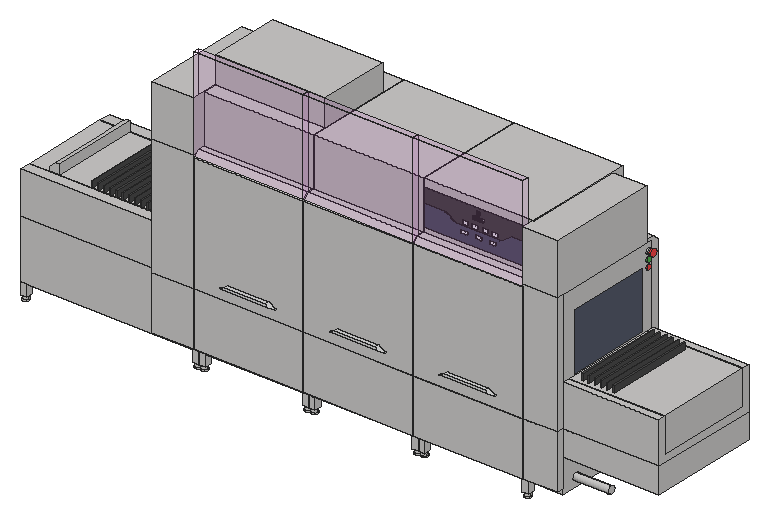
Revit family "QF_ELECTROLUXPROFESSIONAL_520711_EFTD052EL2U2D1M7R385", category Attrezzature speciali, Revit 2020
Family settings
  Quota connettore circolare = Usa diametro
  Tipo di parte = Normale
  Basato su piano di lavoro = No
  Sempre verticale = Sì
  Taglio con vuoti quando caricato = No
  Condiviso = No
  Punto di calcolo locali = No
Parameters (values of type "Standard")
  Weight = 923.00 kg
  Watts = 46500 W
  Volts = 380 V
  URL Manufacturer = "https://www.electroluxprofessional.com/"
  URL = "https://www.electroluxprofessional.com/"
  Steam Supply Size = 0 mm
  Steam Supply Minimum Pressure = 0.0 Pa
  Steam Supply Maximum Pressure = 0.0 Pa
  Steam Consumption per Hour = 0
  Show Logo [instance] = yes
  Show Clearance [instance] = yes
  Refrigeration Suction Line Size = 0 mm
  Refrigeration Liquid Line Size = 0 mm
  Refrigerant Compressor Remote = yes
  Prospetto di default = 0 mm
  Produttore = "Electrolux Professional"
  Phase = 3
  Modello = "EFTD052EL2U2D1M7R385"
  Length Actual = 4650 mm  # constant formula
  Item Number = "520711"
  Hot Water Size = 0 mm
  Height Actual = 1983 mm  # constant formula
  HP = "62.4 HP"
  Gas Size = 0 mm
  Gas KW = 0
  Gas Input Pressure = 0 W
  Direct Waste Size = 50.8 mm
  Descrizione = "FT, 1Tank, 5200D/H, El., 950mm loading, 1300mm unloading, 1Dryer, 75mm conveyor,R>L,380V50Hz3P"
  Depth Actual = 946 mm  # constant formula
  Cycle = 50 Hz
  Condensate Return Size = 0 mm
  Compressed Air Volume = 0.0 L/s
  Compressed Air Size = 0 mm
  Compressed Air Pressure = 0.0 Pa
  Cold Water Size = 0 mm
  Accessory = yes
Reference planes
  plane 1 "Centro (Fronte/Retro)": y = 0
  plane 2: z = 0
  plane 3 "Centro (Sinistra/Destra)": x = 0
  plane 4: z = 115
Forms (mm)
  Extrusion 1, solid, material "QF_Finishes_Stainless Steel"
    sketch origin (2582.404, 2, 1806.023) x (1, 0, 0) y (0, 0, 1)
      loop
        line (407.596, -163.023) -> (407.596, -183.023) -> (427.596, -183.023) -> (427.596, -163.023) -> (407.596, -163.023)
    from 0 to 2
  Extrusion 2, solid, material "QF_Finishes_Stainless Steel"
    sketch origin (-5.617, 22.464, 1290.159) x (0, 0, -1) y (0, 1, 0)
      loop
        circle (1102.159, -772.464) r 25
    from -9.383 to 5.617
  Extrusion 3, solid, material "QF_Finishes_Stainless Steel"
    sketch origin (3242.404, 2, 337.984) x (1, 0, 0) y (0, 0, 1)
      loop
        line (407.596, -163.023) -> (407.596, -183.023) -> (427.596, -183.023) -> (427.596, -163.023) -> (407.596, -163.023)
    from 0 to 2
  Extrusion 4, solid, material "QF_Finishes_Stainless Steel"
    sketch origin (647.841, 200.464, 109.383) x (1, 0, 0) y (0, 1, 0)
      loop
        circle (1102.159, -772.464) r 10
    from -9.383 to 5.617
  Extrusion 5, solid, material "QF_Finishes_Stainless Steel"
    sketch origin (718.841, 200.464, 109.383) x (1, 0, 0) y (0, 1, 0)
      loop
        circle (1102.159, -772.464) r 10
    from -9.383 to 5.617
  Extrusion 6, solid, material "QF_Finishes_Stainless Steel"
    sketch origin (4205.617, -1522.464, 1290.159) x (0, 0, -1) y (0, -1, 0)
      loop
        circle (1102.159, -772.464) r 25
    from -9.383 to 255.617
Dimensions and locks
  plane 4 to level = 115 mm
  aligned and locked: level to plane 2
Nested families
  nested 1: "MODULO_CENTER_800_FAN" at (1683.563, -388.258, 0), Show Clearance <- "Show Clearance", type "MODULO_CENTER_800_FAN"
    with Show Logo yes, Show Clearance yes, R_L no, L_R yes
  nested 2: "MODULO_CENTER_800" at (3283.563, -388.258, 0), Show Clearance <- "Show Clearance", type "MODULO_CENTER_800"
    with Show Logo yes, Show Clearance yes, R_L no, L_R yes
  nested 3: "MODULO_ENTRY_DISH_950" at (4091.437, -523.742, 0) x (-1, 0, 0) z (0, 0, 1), type "MODULO_ENTRY_DISH_950"
    with Show Logo yes, Show Clearance yes, R_L no, L_R yes
  nested 4: "MODULO_USCITA_DISH_1300" at (941.437, -523.742, 0) x (-1, 0, 0) z (0, 0, 1), type "MODULO_USCITA_DISH_1300"
    with Show Logo yes, Show Clearance yes, R_L yes, L_R no
  nested 5: "Piedino_Square_115H" at (23.5, -838.5, 0), type "Piedino_Square_115H"
  nested 6: "Piedino_Square_115H" at (23.5, -73.5, 0), type "Piedino_Square_115H"
  nested 7: "Piedino_Square_115H" at (1276.5, -838.5, 0), type "Piedino_Square_115H"
  nested 8: "Piedino_Square_115H" at (1276.5, -73.5, 0), type "Piedino_Square_115H"
  nested 9: "Piedino_Square_115H" at (1323.5, -838.5, 0), type "Piedino_Square_115H"
  nested 10: "Piedino_Square_115H" at (1323.5, -73.5, 0), type "Piedino_Square_115H"
  nested 11: "Piedino_Square_115H" at (2076.5, -838.5, 0), type "Piedino_Square_115H"
  nested 12: "Piedino_Square_115H" at (2076.5, -73.5, 0), type "Piedino_Square_115H"
  nested 13: "Piedino_Square_115H" at (2123.5, -838.5, 0) x (-1, 0, 0) z (0, 0, 1), type "Piedino_Square_115H"
  nested 14: "Piedino_Square_115H" at (2123.5, -73.5, 0) x (-1, 0, 0) z (0, 0, 1), type "Piedino_Square_115H"
  nested 15: "Piedino_Square_115H" at (2876.5, -838.5, 0) x (-1, 0, 0) z (0, 0, 1), type "Piedino_Square_115H"
  nested 16: "Piedino_Square_115H" at (2876.5, -73.5, 0) x (-1, 0, 0) z (0, 0, 1), type "Piedino_Square_115H"
  nested 17: "Piedino_Square_115H" at (2923.5, -838.5, 0), type "Piedino_Square_115H"
  nested 18: "Piedino_Square_115H" at (2923.5, -73.5, 0), type "Piedino_Square_115H"
  nested 19: "Piedino_Square_115H" at (3676.5, -838.5, 0), type "Piedino_Square_115H"
  nested 20: "Piedino_Square_115H" at (3676.5, -73.5, 0), type "Piedino_Square_115H"
  nested 21: "MANIGLIA_FLIGHT_400" at (3300, -912, 639.28) x (1, 0, 0) z (0, -1, 0), type "MANIGLIA_FLIGHT_400"
  nested 22: "MANIGLIA_FLIGHT_400" at (2500, -912, 639.28) x (1, 0, 0) z (0, -1, 0), type "MANIGLIA_FLIGHT_400"
  nested 23: "MANIGLIA_FLIGHT_400" at (1700, -912, 639.28) x (1, 0, 0) z (0, -1, 0), type "MANIGLIA_FLIGHT_400"
  nested 24: "Schermo_Flight_800" at (3300, -815, 1583) x (1, 0, 0) z (0, -1, 0), type "Schermo_Flight_800"
  nested 25: "ELX_LOGO_WORDS_WHITE" at (3300, -816.6, 1663) x (1, 0, 0) z (0, -1, 0), Show Logo <- "Show Logo", visible <- "Show Logo", type "ELX_LOGO_WORDS_WHITE"
    with Show Logo yes
  nested 26: "ELX_LOGO_MONO_SMALL_WHITE" at (3290.08, -816.6, 1649) x (-1, 0, 0) z (0, -1, 0), Show Logo <- "Show Logo", visible <- "Show Logo", type "ELX_LOGO_MONO_SMALL_WHITE"
    with Show Logo yes
  nested 27: "MODULO_CENTER_800" at (2516.437, -388.258, 0) x (-1, 0, 0) z (0, 0, 1), Show Clearance <- "Show Clearance", type "MODULO_CENTER_800"
    with Show Logo yes, Show Clearance yes, R_L no, L_R yes
Connectors
  electrical at (3000, 2, 1633)
    settings: on Extrusion 1, index 69, voltage 0 V, apparent load 0 VA, apparent load phase1 0 VA, apparent load phase2 0 VA, apparent load phase3 0 VA, power factor 1, load classification "Altro", number of poles 1, system type 30, power factor state 1, is connector primary yes, connector utility no, sub classification motor no, connector description "EI"
  piping at (-15, -750, 188), diameter 50
    settings: on Extrusion 2, index 70, connector inside diameter 609.6 mm, connector length 0 mm, flow factor 0, pipe flow 0.0 L/s, pressure drop 0.0 Pa, fitting loss kfactor 0, connector angle 0.00°, fixture units 0, engagement length 0 mm, angle of deflection 0.00°, flow configuration 0, flow direction 0, fitting loss method 0, system type 29, joint type 0, gender type 0, connector reference index -1, connector utility 0, adjustable connector no, is connector primary yes, connector description "D"
  electrical at (3660, 2, 164.961)
    settings: on Extrusion 3, index 71, voltage 0 V, apparent load 0 VA, apparent load phase1 0 VA, apparent load phase2 0 VA, apparent load phase3 0 VA, power factor 1, load classification "Altro", number of poles 1, system type 30, power factor state 1, is connector primary no, connector utility no, sub classification motor no, connector description "EQ"
  piping at (1750, -572, 100), diameter 19.1
    settings: on Extrusion 4, index 72, connector inside diameter 609.6 mm, connector length 0 mm, flow factor 0, pipe flow 0.0 L/s, pressure drop 0.0 Pa, fitting loss kfactor 0, connector angle 0.00°, fixture units 0, engagement length 0 mm, angle of deflection 0.00°, flow configuration 0, flow direction 0, fitting loss method 0, system type 29, joint type 0, gender type 0, connector reference index -1, connector utility 0, adjustable connector no, is connector primary no, connector description "HWI/CWI"
  piping at (1821, -572, 100), diameter 19.1
    settings: on Extrusion 5, index 73, connector inside diameter 609.6 mm, connector length 0 mm, flow factor 0, pipe flow 0.0 L/s, pressure drop 0.0 Pa, fitting loss kfactor 0, connector angle 0.00°, fixture units 0, engagement length 0 mm, angle of deflection 0.00°, flow configuration 0, flow direction 0, fitting loss method 0, system type 29, joint type 0, gender type 0, connector reference index -1, connector utility 0, adjustable connector no, is connector primary no, connector description "HWI/CWI"
  piping at (4215, -750, 188), diameter 50
    settings: on Extrusion 6, index 74, connector inside diameter 609.6 mm, connector length 0 mm, flow factor 0, pipe flow 0.0 L/s, pressure drop 0.0 Pa, fitting loss kfactor 0, connector angle 0.00°, fixture units 0, engagement length 0 mm, angle of deflection 0.00°, flow configuration 0, flow direction 0, fitting loss method 0, system type 29, joint type 0, gender type 0, connector reference index -1, connector utility 0, adjustable connector no, is connector primary no, connector description ""
Definition of nested family "MODULO_CENTER_800_FAN"
  Parameters (values of type "MODULO_CENTER_800_FAN")
    URL = "http://professional.electrolux.com"
    Show Logo [instance] = yes
    R_L [instance] = not(L_R)  # no
    Default Elevation = 0 mm
    Manufacturer = "Electrolux"
    Model = "ESR10E5"
    Length Actual = 800 mm
    Show Clearance [instance] = yes
    L_R [instance] = yes
    Height Actual = 1792 mm
    Description = "SINGLE RINSE RT, 100R/H, ELECTRIC 50HZ"
    Depth Actual = 912 mm
  Reference planes
    plane 1 "Center X": y = -67.742
    plane 2: z = 0
    plane 3 "LEFT": x = -383.563
    plane 4 "RIGHT": x = 416.437
    plane 5 "BACK": y = 388.258
    plane 6 "FEET": z = 115
    plane 7: z = 2092
    plane 8 "TOP": z = 1792
    plane 9 "FRONT": y = -523.742
    plane 10 "Left/Right": x = 16.437
    plane 11 "TopVent": z = 1983
  Forms (mm)
    Extrusion 1, solid
      sketch origin (416.437, 479.936, 4000) x (0, 1, 0) y (0, 0, 1)
        loop
          line (-91.678, -2208) -> (-906.678, -2208) -> (-906.678, -2580) -> (-91.678, -2580) -> (-91.678, -2208)
      from -800 to 0
    Extrusion 2, solid
      sketch origin (-383.563, 437.565, 3910) x (0, 1, 0) y (0, 0, 1)
        loop
          line (-99.307, -2490) -> (-911.307, -2490) -> (-911.307, -3552) -> (-99.307, -3552) -> (-99.307, -2490)
      from 800 to 0
    Extrusion 3, solid
      sketch origin (416.437, 479.936, 4299) x (0, 1, 0) y (0, 0, 1)
        loop
          line (-278.21, -2316) -> (-803.678, -2316) -> (-803.678, -2507) -> (-278.21, -2507) -> (-278.21, -2316)
      from -800 to 0
    Extrusion 4, solid
      sketch origin (16.437, 0, 1.5) x (0, 0, 1) y (0, -1, 0)
        loop
          line (356.5, -338.258) -> (356.5, 473.742) -> (113.5, 473.742) -> (113.5, -338.258) -> (356.5, -338.258)
      from 400 to -400
    Extrusion 5, solid
      sketch origin (16.437, 0, 0) x (0, 0, 1) y (0, -1, 0)
        loop
          line (1420, -338.258) -> (545, -338.258) -> (545, -388.258) -> (1420, -388.258) -> (1420, -338.258)
      from -400 to 400
    Extrusion 6, solid
      sketch origin (16.437, 0, 0) x (0, 0, 1) y (0, -1, 0)
        loop
          line (545, -388.258) -> (545, -338.258) -> (154, -338.258) -> (154, -388.258) -> (545, -388.258)
      from -400 to 400
    Extrusion 7, solid
      sketch origin (16.437, -882.484, -150) x (0, -1, 0) y (0, 0, 1)
        loop
          line (-358.742, 304) -> (-358.742, 695) -> (-408.742, 695) -> (-408.742, 304) -> (-358.742, 304)
      from -400 to 400
    Extrusion 8, solid
      sketch origin (16.437, -882.484, -151) x (0, -1, 0) y (0, 0, 1)
        loop
          line (-408.742, 1571) -> (-408.742, 696) -> (-358.742, 696) -> (-358.742, 1556) -> (-395.742, 1593) -> (-443.742, 1593) -> (-443.742, 1571) -> (-408.742, 1571)
      from -400 to 400
    Extrusion 9, solid, visible <- "Show Clearance"
      sketch origin (16.437, -882.484, 452) x (0, -1, 0) y (0, 0, 1)
        loop
          line (-408.742, 1640) -> (-408.742, 953.624) -> (-358.742, 953.624) -> (-358.742, 1640) -> (-408.742, 1640)
      from -400 to 400
  Dimensions and locks
    plane 3 "LEFT" to plane 4 "RIGHT" = 800 mm
    plane 5 "BACK" to plane 1 "Center X" to plane 9 "FRONT" = 456 mm, 456 mm
    plane 6 "FEET" to level = 115 mm  (x2)
    plane 6 "FEET" to plane 8 "TOP" = 1677 mm
    plane 5 "BACK" to plane 9 "FRONT" = 912 mm  (x2)
    plane 4 "RIGHT" to plane 3 "LEFT" = 800 mm
    plane 9 "FRONT" to plane 5 "BACK" = 912 mm
    level to plane 8 "TOP" = 1792 mm  (x2)
    plane 7 to level = 2092 mm
    plane 11 "TopVent" to plane 2 = 1983 mm
    plane 7 to plane 2 = 2092 mm
    Extrusion 2 to level = 1420 mm
    Extrusion 8 to level = 1442 mm
    plane 11 "TopVent" to level = 1983 mm
    aligned and locked: level to plane 2
Definition of nested family "MODULO_CENTER_800"
  Parameters (values of type "MODULO_CENTER_800")
    URL = "http://professional.electrolux.com"
    Show Logo [instance] = yes
    R_L [instance] = not(L_R)  # no
    Default Elevation = 0 mm
    Manufacturer = "Electrolux"
    Model = "ESR10E5"
    Length Actual = 800 mm
    Show Clearance [instance] = yes
    L_R [instance] = yes
    Height Actual = 1792 mm
    Description = "SINGLE RINSE RT, 100R/H, ELECTRIC 50HZ"
    Depth Actual = 912 mm
  Reference planes
    plane 1 "Center X": y = -67.742
    plane 2: z = 0
    plane 3 "LEFT": x = -383.563
    plane 4 "RIGHT": x = 416.437
    plane 5 "BACK": y = 388.258
    plane 6 "FEET": z = 115
    plane 7: z = 2092
    plane 8 "TOP": z = 1792
    plane 9 "FRONT": y = -523.742
    plane 10 "Left/Right": x = 16.437
  Forms (mm)
    Extrusion 1, solid
      sketch origin (416.437, 479.936, 4000) x (0, 1, 0) y (0, 0, 1)
        loop
          line (-91.678, -2208) -> (-906.678, -2208) -> (-906.678, -2580) -> (-91.678, -2580) -> (-91.678, -2208)
      from -800 to 0
    Extrusion 2, solid
      sketch origin (-383.563, 437.565, 3915) x (0, 1, 0) y (0, 0, 1)
        loop
          line (-99.307, -2495) -> (-911.307, -2495) -> (-911.307, -3557) -> (-99.307, -3557) -> (-99.307, -2495)
      from 800 to 0
    Extrusion 3, solid
      sketch origin (16.437, 0, 1.5) x (0, 0, 1) y (0, -1, 0)
        loop
          line (356.5, -338.258) -> (356.5, 473.742) -> (113.5, 473.742) -> (113.5, -338.258) -> (356.5, -338.258)
      from 400 to -400
    Extrusion 4, solid
      sketch origin (16.437, 0, 0) x (0, 0, 1) y (0, -1, 0)
        loop
          line (1420, -338.258) -> (545, -338.258) -> (545, -388.258) -> (1420, -388.258) -> (1420, -338.258)
      from -400 to 400
    Extrusion 5, solid
      sketch origin (16.437, 0, 0) x (0, 0, 1) y (0, -1, 0)
        loop
          line (545, -388.258) -> (545, -338.258) -> (154, -338.258) -> (154, -388.258) -> (545, -388.258)
      from -400 to 400
    Extrusion 6, solid
      sketch origin (16.437, -882.484, -150) x (0, -1, 0) y (0, 0, 1)
        loop
          line (-358.742, 304) -> (-358.742, 695) -> (-408.742, 695) -> (-408.742, 304) -> (-358.742, 304)
      from -400 to 400
    Extrusion 7, solid
      sketch origin (16.437, -882.484, -151) x (0, -1, 0) y (0, 0, 1)
        loop
          line (-408.742, 1571) -> (-408.742, 696) -> (-358.742, 696) -> (-358.742, 1556) -> (-395.742, 1593) -> (-443.742, 1593) -> (-443.742, 1571) -> (-408.742, 1571)
      from -400 to 400
    Extrusion 8, solid, visible <- "Show Clearance"
      sketch origin (16.437, -882.484, 452) x (0, -1, 0) y (0, 0, 1)
        loop
          line (-408.742, 1640) -> (-408.742, 953.624) -> (-358.742, 953.624) -> (-358.742, 1640) -> (-408.742, 1640)
      from -400 to 400
  Dimensions and locks
    plane 3 "LEFT" to plane 4 "RIGHT" = 800 mm
    plane 5 "BACK" to plane 1 "Center X" to plane 9 "FRONT" = 456 mm, 456 mm
    plane 6 "FEET" to level = 115 mm  (x2)
    plane 6 "FEET" to plane 8 "TOP" = 1677 mm
    plane 5 "BACK" to plane 9 "FRONT" = 912 mm  (x2)
    plane 4 "RIGHT" to plane 3 "LEFT" = 800 mm
    plane 9 "FRONT" to plane 5 "BACK" = 912 mm
    level to plane 8 "TOP" = 1792 mm  (x2)
    plane 7 to level = 2092 mm
    plane 7 to plane 2 = 2092 mm
    Extrusion 2 to level = 1420 mm
    Extrusion 7 to level = 1442 mm
    aligned and locked: level to plane 2
Definition of nested family "MODULO_ENTRY_DISH_950"
  Parameters (values of type "MODULO_ENTRY_DISH_950")
    URL = "http://professional.electrolux.com"
    Show Logo [instance] = yes
    R_L [instance] = not(L_R)  # no
    Default Elevation = 0 mm
    Manufacturer = "Electrolux"
    Model = "ESR10E5"
    Length Actual = 800 mm
    Show Clearance [instance] = yes
    L_R [instance] = yes
    Height Actual = 1792 mm
    Description = "SINGLE RINSE RT, 100R/H, ELECTRIC 50HZ"
    Depth Actual = 912 mm
  Reference planes
    plane 1 "Center (Front/Back)": y = -67.742
    plane 2: z = 0
    plane 3 "LEFT": x = -558.563
    plane 4 "RIGHT": x = 391.437
    plane 5 "BACK": y = 388.258
    plane 6 "FRONT": y = -523.742
    plane 7 "BUTTONS": y = -427.742
    plane 8: z = 115
    plane 9 "2": y = 292.258
  Forms (mm)
    Extrusion 1, solid, visible <- "L_R"
      sketch origin (391.437, 479.936, 4000) x (0, 1, 0) y (0, 0, 1)
        loop
          line (-91.678, -2208) -> (-906.678, -2208) -> (-906.678, -2580) -> (-91.678, -2580) -> (-91.678, -2208)
      from -250 to 0
    Extrusion 2, solid
      sketch origin (-358.563, 437.565, 3910) x (0, 1, 0) y (0, 0, 1)
        loop
          line (-99.307, -2490) -> (-911.307, -2490) -> (-911.307, -3552) -> (-99.307, -3552) -> (-99.307, -2490)
      from 750 to 500
    Extrusion 3, solid
      sketch origin (-558.563, 437.565, 3910) x (0, 1, 0) y (0, 0, 1)
        loop
          line (-99.307, -3365) -> (-99.307, -3060) -> (-149.307, -3060) -> (-149.307, -3315) -> (-861.307, -3315) -> (-861.307, -3060) -> (-911.307, -3060) -> (-911.307, -3365) -> (-99.307, -3365)
      from 700 to 0
    Extrusion 4, solid
      sketch origin (16.437, 0, -4.987) x (0, 0, 1) y (0, -1, 0)
        loop
          line (362.987, -338.258) -> (362.987, 473.742) -> (119.987, 473.742) -> (119.987, -338.258) -> (362.987, -338.258)
      from 375 to 125
    Extrusion 5, solid, visible <- "L_R"
      sketch origin (16.437, 0, 0) x (0, 0, 1) y (0, -1, 0)
        loop
          line (1420, -338.258) -> (545, -338.258) -> (545, -388.258) -> (1420, -388.258) -> (1420, -338.258)
      from 125 to 375
    Extrusion 6, solid
      sketch origin (16.437, 0, 0) x (0, 0, 1) y (0, -1, 0)
        loop
          line (545, -388.258) -> (545, -338.258) -> (154, -338.258) -> (154, -388.258) -> (545, -388.258)
      from 125 to 375
    Extrusion 7, solid
      sketch origin (-558.563, 437.565, 3607.258) x (0, 1, 0) y (0, 0, 1)
        loop
          line (-99.307, -3249.258) -> (-99.307, -3062.258) -> (-911.307, -3062.258) -> (-911.307, -3249.258) -> (-99.307, -3249.258)
      from 700 to 0
    Extrusion 8, solid
      sketch origin (-558.563, 437.565, 4000) x (0, 1, 0) y (0, 0, 1)
        loop
          line (-149.307, -3150) -> (-861.307, -3150) -> (-861.307, -3405) -> (-149.307, -3405) -> (-149.307, -3150)
      from 0 to 700
    Extrusion 9, solid
      sketch origin (266.437, -882.484, -150) x (0, -1, 0) y (0, 0, 1)
        loop
          line (-358.742, 304) -> (-358.742, 695) -> (-408.742, 695) -> (-408.742, 304) -> (-358.742, 304)
      from -125 to 125
    Extrusion 10, solid, visible <- "L_R"
      sketch origin (266.437, -882.484, -151) x (0, -1, 0) y (0, 0, 1)
        loop
          line (-408.742, 1571) -> (-408.742, 696) -> (-358.742, 696) -> (-358.742, 1556) -> (-395.742, 1593) -> (-443.742, 1593) -> (-443.742, 1571) -> (-408.742, 1571)
      from -125 to 125
    Extrusion 11, solid
      sketch origin (-358.563, 437.565, 4000) x (0, 1, 0) y (0, 0, 1)
        loop
          line (-199.307, -2725.701) -> (-811.307, -2725.701) -> (-811.307, -3137.701) -> (-199.307, -3137.701) -> (-199.307, -2725.701)
      from 495.458 to 500
    Extrusion 12, solid, visible <- "R_L"
      sketch origin (266.437, 747, -151) x (0, 1, 0) y (0, 0, -1)
        loop
          line (-408.742, -1571) -> (-443.742, -1571) -> (-443.742, -1593) -> (-395.742, -1593) -> (-358.742, -1556) -> (-358.742, -696) -> (-408.742, -696) -> (-408.742, -1571)
      from -125 to 125
    Extrusion 13, solid, visible <- "R_L"
      sketch origin (16.437, -135.484, 0) x (0, 0, 1) y (0, -1, 0)
        loop
          line (1420, 338.258) -> (1420, 388.258) -> (545, 388.258) -> (545, 338.258) -> (1420, 338.258)
      from 125 to 375
    Extrusion 14, solid, visible <- "R_L"
      sketch origin (391.437, -615.42, 4000) x (0, -1, 0) y (0, 0, -1)
        loop
          line (-91.678, 2208) -> (-91.678, 2580) -> (-906.678, 2580) -> (-906.678, 2208) -> (-91.678, 2208)
      from -250 to 0
    Extrusion 15, solid
      sketch origin (-191.477, -192.742, -3) x (-1, 0, 0) y (0, 0, 1)
        loop
          line (-26.676, 853) -> (-26.676, 898) -> (-36.676, 898) -> (-36.676, 853) -> (-26.676, 853)
      from -196 to 446
    Extrusion 16, solid
      sketch origin (-146.477, -192.742, -3) x (-1, 0, 0) y (0, 0, 1)
        loop
          line (-26.676, 853) -> (-26.676, 898) -> (-36.676, 898) -> (-36.676, 853) -> (-26.676, 853)
      from -196 to 446
    Extrusion 17, solid
      sketch origin (-101.477, -192.742, -3) x (-1, 0, 0) y (0, 0, 1)
        loop
          line (-26.676, 853) -> (-26.676, 898) -> (-36.676, 898) -> (-36.676, 853) -> (-26.676, 853)
      from -196 to 446
    Extrusion 18, solid
      sketch origin (-56.477, -192.742, -3) x (-1, 0, 0) y (0, 0, 1)
        loop
          line (-26.676, 853) -> (-26.676, 898) -> (-36.676, 898) -> (-36.676, 853) -> (-26.676, 853)
      from -196 to 446
    Extrusion 19, solid
      sketch origin (-11.477, -192.742, -3) x (-1, 0, 0) y (0, 0, 1)
        loop
          line (-26.676, 853) -> (-26.676, 898) -> (-36.676, 898) -> (-36.676, 853) -> (-26.676, 853)
      from -196 to 446
    Extrusion 20, solid
      sketch origin (33.523, -192.742, -3) x (-1, 0, 0) y (0, 0, 1)
        loop
          line (-26.676, 853) -> (-26.676, 898) -> (-36.676, 898) -> (-36.676, 853) -> (-26.676, 853)
      from -196 to 446
  Dimensions and locks
    plane 3 "LEFT" to plane 4 "RIGHT" = 950 mm
    plane 5 "BACK" to plane 1 "Center (Front/Back)" to plane 6 "FRONT" = 456 mm, 456 mm
    plane 5 "BACK" to plane 6 "FRONT" = 912 mm  (x2)
    plane 4 "RIGHT" to plane 3 "LEFT" = 950 mm  (x2)
    plane 6 "FRONT" to plane 5 "BACK" = 912 mm
    plane 8 to level = 115 mm
    Extrusion 1 to level = 1792 mm
    Extrusion 3 to level = 850 mm
    aligned and locked: level to plane 2
  Nested families
    nested 1: "BOTTONE_RED_STOP" at (141.437, -427.742, 1266.906) x (0, -1, 0) z (-1, 0, 0), visible <- "L_R", type "BOTTONE_RED_STOP"
    nested 2: "BOTTONE_EMERGENCY_STOP" at (141.437, -427.742, 1370) x (0, -1, 0) z (-1, 0, 0), visible <- "L_R", type "BOTTONE_EMERGENCY_STOP"
    nested 3: "BOTTONE_GREEN_START" at (141.437, -427.742, 1316.906) x (0, -1, 0) z (-1, 0, 0), visible <- "L_R", type "BOTTONE_GREEN_START"
    nested 4: "BOTTONE_RED_STOP" at (141.437, 292.258, 1267.906) x (0, 1, 0) z (-1, 0, 0), visible <- "R_L", type "BOTTONE_RED_STOP"
    nested 5: "BOTTONE_EMERGENCY_STOP" at (141.437, 292.258, 1371) x (0, 1, 0) z (-1, 0, 0), visible <- "R_L", type "BOTTONE_EMERGENCY_STOP"
    nested 6: "BOTTONE_GREEN_START" at (141.437, 292.258, 1317.906) x (0, 1, 0) z (-1, 0, 0), visible <- "R_L", type "BOTTONE_GREEN_START"
  Definition of nested family "BOTTONE_RED_STOP"
    Parameters (values of type "BOTTONE_RED_STOP")
      Default Elevation = 1219.2 mm
    Reference planes
      plane 1 "Centro (Fronte/Retro)": y = 0
      plane 2: z = 0
      plane 3 "Centro (Sinistra/Destra)": x = 0
    Forms (mm)
      Extrusion 1, solid
        sketch origin (0, 0, 0) x (1, 0, 0) y (0, 1, 0)
          loop
            line (-1219.2, 1219.2) -> (-1219.2, -1219.2) -> (1219.2, -1219.2) -> (1219.2, 1219.2) -> (-1219.2, 1219.2)
        from 0 to -304.8
      Extrusion 2, solid
        sketch origin (-367.513, 69.533, 15) x (-1, 0, 0) y (0, 1, 0)
          loop
            circle (-367.513, -69.533) r 15
        from 0 to 15
    Dimensions and locks
      aligned and locked: plane 2 to Extrusion 1
      aligned and locked: level to Extrusion 1
  Definition of nested family "BOTTONE_EMERGENCY_STOP"
    Parameters
      Default Elevation = 1219.2 mm
    Reference planes
      plane 1 "Centro (Fronte/Retro)": y = 0
      plane 2: z = 0
      plane 3 "Centro (Sinistra/Destra)": x = 0
    Forms (mm)
      Extrusion 1, solid
        sketch origin (0, 0, 0) x (1, 0, 0) y (0, 1, 0)
          loop
            line (-1219.2, 1219.2) -> (-1219.2, -1219.2) -> (1219.2, -1219.2) -> (1219.2, 1219.2) -> (-1219.2, 1219.2)
        from 0 to -304.8
      Extrusion 2, solid
        sketch origin (0, 0, 0) x (1, 0, 0) y (0, 1, 0)
          loop
            circle (0, 0) r 15
        from 0 to 20.273
      Blend 3, solid
        base sketch origin (-49.801, 0, 0) x (1, 0, 0) y (0, 1, 0)
          loop
            circle (49.801, 0) r 15
        top sketch origin (-49.801, 0, 0) x (1, 0, 0) y (0, 1, 0)
          loop
            circle (49.801, 0) r 25
        from 20.273 to 47.605
    Dimensions and locks
      aligned and locked: plane 2 to Extrusion 1
      aligned and locked: level to Extrusion 1
  Definition of nested family "BOTTONE_GREEN_START"
    Parameters (values of type "BOTTONE_GREEN_START")
      Default Elevation = 1219.2 mm
    Reference planes
      plane 1 "Centro (Fronte/Retro)": y = 0
      plane 2: z = 0
      plane 3 "Centro (Sinistra/Destra)": x = 0
    Forms (mm)
      Extrusion 1, solid
        sketch origin (0, 0, 0) x (1, 0, 0) y (0, 1, 0)
          loop
            line (-1219.2, 1219.2) -> (-1219.2, -1219.2) -> (1219.2, -1219.2) -> (1219.2, 1219.2) -> (-1219.2, 1219.2)
        from 0 to -304.8
      Extrusion 2, solid
        sketch origin (-367.513, 69.533, 15) x (-1, 0, 0) y (0, 1, 0)
          loop
            circle (-367.513, -69.533) r 15
        from 0 to 15
    Dimensions and locks
      aligned and locked: plane 2 to Extrusion 1
      aligned and locked: level to Extrusion 1
Definition of nested family "MODULO_USCITA_DISH_1300"
  Parameters (values of type "MODULO_USCITA_DISH_1300")
    URL = "http://professional.electrolux.com"
    Show Logo [instance] = yes
    R_L [instance] = not(L_R)  # yes
    Default Elevation = 0 mm
    Manufacturer = "Electrolux"
    Model = "ESR10E5"
    Length Actual = 800 mm
    Show Clearance [instance] = yes
    L_R [instance] = no
    Height Actual = 1792 mm
    Description = "SINGLE RINSE RT, 100R/H, ELECTRIC 50HZ"
    Depth Actual = 912 mm
  Reference planes
    plane 1 "Center (Front/Back)": y = -67.742
    plane 2: z = 0
    plane 3 "LEFT": x = -358.563
    plane 4 "BACK": y = 388.258
    plane 5 "FEET": z = 115
    plane 6 "TOP": z = 1792
    plane 7 "FRONT": y = -523.742
    plane 8 "Left/Right": x = 16.437
    plane 9: x = -358.563
    plane 10: y = -427.742
    plane 11 "RIGHT": x = 941.437
  Forms (mm)
    Extrusion 1, solid, visible <- "R_L"
      sketch origin (-358.563, 479.936, 4003) x (0, 1, 0) y (0, 0, -1)
        loop
          line (-91.678, 2211) -> (-91.678, 2583) -> (-906.678, 2583) -> (-906.678, 2211) -> (-91.678, 2211)
      from -300 to 0
    Extrusion 2, solid
      sketch origin (-358.563, 437.565, 4003) x (0, 1, 0) y (0, 0, 1)
        loop
          line (-99.307, -3458) -> (-911.307, -3458) -> (-911.307, -3888) -> (-99.307, -3888) -> (-99.307, -3458)
      from 300 to 0
    Extrusion 3, solid
      sketch origin (-358.563, 479.936, 4003) x (0, 1, 0) y (0, 0, -1)
        loop
          line (-141.678, 2583) -> (-141.678, 3458) -> (-953.678, 3458) -> (-953.678, 2583) -> (-141.678, 2583)
      from -300 to 0
    Extrusion 4, solid
      sketch origin (391.437, 437.565, 3913) x (0, 1, 0) y (0, 0, -1)
        loop
          line (-99.307, 3368) -> (-911.307, 3368) -> (-911.307, 3063) -> (-826.307, 3063) -> (-826.307, 3318) -> (-184.307, 3318) -> (-184.307, 3063) -> (-99.307, 3063) -> (-99.307, 3368)
      from 450 to -550
    Extrusion 5, solid, visible <- "R_L"
      sketch origin (16.437, 0, 3) x (0, 0, 1) y (0, 1, 0)
        loop
          line (1417, 338.258) -> (1417, 388.258) -> (542, 388.258) -> (542, 338.258) -> (1417, 338.258)
      from 75 to 375
    Extrusion 6, solid
      sketch origin (16.437, 0, 3) x (0, 0, 1) y (0, 1, 0)
        loop
          line (542, 388.258) -> (151, 388.258) -> (151, 338.258) -> (542, 338.258) -> (542, 388.258)
      from 75 to 375
    Extrusion 7, solid
      sketch origin (391.437, 437.565, 3610.258) x (0, 1, 0) y (0, 0, -1)
        loop
          line (-99.307, 3495.258) -> (-911.307, 3495.258) -> (-911.307, 3065.258) -> (-99.307, 3065.258) -> (-99.307, 3495.258)
      from 450 to -550
    Extrusion 8, solid
      sketch origin (991.437, 0, 3) x (0, 1, 0) y (0, 0, 1)
        loop
          line (253.258, 847) -> (-388.742, 847) -> (-388.742, 592) -> (253.258, 592) -> (253.258, 847)
      from -50 to -1050
    Extrusion 9, solid
      sketch origin (-358.563, 437.565, 3928) x (0, 1, 0) y (0, 0, 1)
        loop
          line (-811.307, -3065.701) -> (-199.307, -3065.701) -> (-199.307, -2653.701) -> (-811.307, -2653.701) -> (-811.307, -3065.701)
      from 300 to 304.77
    Extrusion 10, solid
      sketch origin (-208.563, -115, -147) x (0, 1, 0) y (0, 0, 1)
        loop
          line (-358.742, 301) -> (-358.742, 692) -> (-408.742, 692) -> (-408.742, 301) -> (-358.742, 301)
      from -150 to 150
    Extrusion 11, solid, visible <- "R_L"
      sketch origin (-208.563, -882.484, -151) x (0, -1, 0) y (0, 0, 1)
        loop
          line (-408.742, 1571) -> (-408.742, 696) -> (-358.742, 696) -> (-358.742, 1556) -> (-395.742, 1593) -> (-443.742, 1593) -> (-443.742, 1571) -> (-408.742, 1571)
      from -150 to 150
    Extrusion 12, solid
      sketch origin (-39.574, -192.742, -3) x (-1, 0, 0) y (0, 0, 1)
        loop
          line (-26.676, 853) -> (-26.676, 898) -> (-36.676, 898) -> (-36.676, 853) -> (-26.676, 853)
      from -196 to 446
    Extrusion 13, solid
      sketch origin (5.426, -192.742, -3) x (-1, 0, 0) y (0, 0, 1)
        loop
          line (-26.676, 853) -> (-26.676, 898) -> (-36.676, 898) -> (-36.676, 853) -> (-26.676, 853)
      from -196 to 446
    Extrusion 14, solid
      sketch origin (50.426, -192.742, -3) x (-1, 0, 0) y (0, 0, 1)
        loop
          line (-26.676, 853) -> (-26.676, 898) -> (-36.676, 898) -> (-36.676, 853) -> (-26.676, 853)
      from -196 to 446
    Extrusion 15, solid
      sketch origin (95.426, -192.742, -3) x (-1, 0, 0) y (0, 0, 1)
        loop
          line (-26.676, 853) -> (-26.676, 898) -> (-36.676, 898) -> (-36.676, 853) -> (-26.676, 853)
      from -196 to 446
    Extrusion 16, solid
      sketch origin (140.426, -192.742, -3) x (-1, 0, 0) y (0, 0, 1)
        loop
          line (-26.676, 853) -> (-26.676, 898) -> (-36.676, 898) -> (-36.676, 853) -> (-26.676, 853)
      from -196 to 446
    Extrusion 17, solid
      sketch origin (185.426, -192.742, -3) x (-1, 0, 0) y (0, 0, 1)
        loop
          line (-26.676, 853) -> (-26.676, 898) -> (-36.676, 898) -> (-36.676, 853) -> (-26.676, 853)
      from -196 to 446
    Extrusion 18, solid
      sketch origin (230.426, -192.742, -3) x (-1, 0, 0) y (0, 0, 1)
        loop
          line (-26.676, 853) -> (-26.676, 898) -> (-36.676, 898) -> (-36.676, 853) -> (-26.676, 853)
      from -196 to 446
    Extrusion 19, solid
      sketch origin (275.426, -192.742, -3) x (-1, 0, 0) y (0, 0, 1)
        loop
          line (-26.676, 853) -> (-26.676, 898) -> (-36.676, 898) -> (-36.676, 853) -> (-26.676, 853)
      from -196 to 446
    Revolve 20, solid
      sketch origin (295, 0, 850) x (1, 0, 0) y (0, 1, 0)
        loop
          line (430.204, 253.258) -> (430.204, -388.742) -> (502.335, -388.742) -> (502.335, 253.258) -> (430.204, 253.258)
        axis (430.204, 253.258) -> (430.204, -388.742)
      angle from 0 to -90
    Extrusion 21, solid, visible <- "L_R"
      sketch origin (-208.563, 747, -151) x (0, 1, 0) y (0, 0, -1)
        loop
          line (-408.742, -1571) -> (-443.742, -1571) -> (-443.742, -1593) -> (-395.742, -1593) -> (-358.742, -1556) -> (-358.742, -696) -> (-408.742, -696) -> (-408.742, -1571)
      from -150 to 150
    Extrusion 22, solid, visible <- "L_R"
      sketch origin (16.437, -135.484, 3) x (0, 0, 1) y (0, 1, 0)
        loop
          line (1417, -338.258) -> (542, -338.258) -> (542, -388.258) -> (1417, -388.258) -> (1417, -338.258)
      from 75 to 375
    Extrusion 23, solid, visible <- "L_R"
      sketch origin (-358.563, -615.42, 4003) x (0, -1, 0) y (0, 0, 1)
        loop
          line (-91.678, -2211) -> (-906.678, -2211) -> (-906.678, -2583) -> (-91.678, -2583) -> (-91.678, -2211)
      from -300 to 0
    Extrusion 24, solid
      sketch origin (320.426, -192.742, -3) x (-1, 0, 0) y (0, 0, 1)
        loop
          line (-26.676, 853) -> (-26.676, 898) -> (-36.676, 898) -> (-36.676, 853) -> (-26.676, 853)
      from -196 to 446
    Extrusion 25, solid
      sketch origin (365.426, -192.742, -3) x (-1, 0, 0) y (0, 0, 1)
        loop
          line (-26.676, 853) -> (-26.676, 898) -> (-36.676, 898) -> (-36.676, 853) -> (-26.676, 853)
      from -196 to 446
    Extrusion 26, solid
      sketch origin (410.426, -192.742, -3) x (-1, 0, 0) y (0, 0, 1)
        loop
          line (-26.676, 853) -> (-26.676, 898) -> (-36.676, 898) -> (-36.676, 853) -> (-26.676, 853)
      from -196 to 446
    Extrusion 27, solid
      sketch origin (455.426, -192.742, -3) x (-1, 0, 0) y (0, 0, 1)
        loop
          line (-26.676, 853) -> (-26.676, 898) -> (-36.676, 898) -> (-36.676, 853) -> (-26.676, 853)
      from -196 to 446
  Dimensions and locks
    plane 4 "BACK" to plane 1 "Center (Front/Back)" to plane 7 "FRONT" = 456 mm, 456 mm
    plane 5 "FEET" to level = 115 mm  (x2)
    plane 4 "BACK" to plane 7 "FRONT" = 912 mm  (x2)
    plane 7 "FRONT" to plane 4 "BACK" = 912 mm
    level to plane 6 "TOP" = 1792 mm
    plane 3 "LEFT" to plane 8 "Left/Right" = 375 mm
    plane 8 "Left/Right" to plane 11 "RIGHT" = 925 mm
    plane 3 "LEFT" to plane 11 "RIGHT" = 1300 mm
    plane 9 to plane 11 "RIGHT" = 1300 mm
    plane 6 "TOP" to level = 1792 mm
    aligned and locked: level to plane 2
  Nested families
    nested 1: "BOTTONE_EMERGENCY_STOP" at (-58.563, -427.742, 1369) x (0, -1, 0) z (1, 0, 0), visible <- "R_L", type "BOTTONE_EMERGENCY_STOP"
    nested 2: "BOTTONE_GREEN_START" at (-58.563, -427.742, 1315.906) x (0, -1, 0) z (1, 0, 0), visible <- "R_L", type "BOTTONE_GREEN_START"
    nested 3: "BOTTONE_RED_STOP" at (-58.563, -427.742, 1265.906) x (0, -1, 0) z (1, 0, 0), visible <- "R_L", type "BOTTONE_RED_STOP"
    nested 4: "BOTTONE_EMERGENCY_STOP" at (-58.563, 292.258, 1369) x (0, 1, 0) z (1, 0, 0), visible <- "L_R", type "BOTTONE_EMERGENCY_STOP"
    nested 5: "BOTTONE_GREEN_START" at (-58.563, 292.258, 1315.906) x (0, 1, 0) z (1, 0, 0), visible <- "L_R", type "BOTTONE_GREEN_START"
    nested 6: "BOTTONE_RED_STOP" at (-58.563, 292.258, 1265.906) x (0, 1, 0) z (1, 0, 0), visible <- "L_R", type "BOTTONE_RED_STOP"
  Definition of nested family "BOTTONE_EMERGENCY_STOP"
    Parameters
      Default Elevation = 1219.2 mm
    Reference planes
      plane 1 "Centro (Fronte/Retro)": y = 0
      plane 2: z = 0
      plane 3 "Centro (Sinistra/Destra)": x = 0
    Forms (mm)
      Extrusion 1, solid
        sketch origin (0, 0, 0) x (1, 0, 0) y (0, 1, 0)
          loop
            line (-1219.2, 1219.2) -> (-1219.2, -1219.2) -> (1219.2, -1219.2) -> (1219.2, 1219.2) -> (-1219.2, 1219.2)
        from 0 to -304.8
      Extrusion 2, solid
        sketch origin (0, 0, 0) x (1, 0, 0) y (0, 1, 0)
          loop
            circle (0, 0) r 15
        from 0 to 20.273
      Blend 3, solid
        base sketch origin (-49.801, 0, 0) x (1, 0, 0) y (0, 1, 0)
          loop
            circle (49.801, 0) r 15
        top sketch origin (-49.801, 0, 0) x (1, 0, 0) y (0, 1, 0)
          loop
            circle (49.801, 0) r 25
        from 20.273 to 47.605
    Dimensions and locks
      aligned and locked: plane 2 to Extrusion 1
      aligned and locked: level to Extrusion 1
  Definition of nested family "BOTTONE_GREEN_START"
    Parameters (values of type "BOTTONE_GREEN_START")
      Default Elevation = 1219.2 mm
    Reference planes
      plane 1 "Centro (Fronte/Retro)": y = 0
      plane 2: z = 0
      plane 3 "Centro (Sinistra/Destra)": x = 0
    Forms (mm)
      Extrusion 1, solid
        sketch origin (0, 0, 0) x (1, 0, 0) y (0, 1, 0)
          loop
            line (-1219.2, 1219.2) -> (-1219.2, -1219.2) -> (1219.2, -1219.2) -> (1219.2, 1219.2) -> (-1219.2, 1219.2)
        from 0 to -304.8
      Extrusion 2, solid
        sketch origin (-367.513, 69.533, 15) x (-1, 0, 0) y (0, 1, 0)
          loop
            circle (-367.513, -69.533) r 15
        from 0 to 15
    Dimensions and locks
      aligned and locked: plane 2 to Extrusion 1
      aligned and locked: level to Extrusion 1
  Definition of nested family "BOTTONE_RED_STOP"
    Parameters (values of type "BOTTONE_RED_STOP")
      Default Elevation = 1219.2 mm
    Reference planes
      plane 1 "Centro (Fronte/Retro)": y = 0
      plane 2: z = 0
      plane 3 "Centro (Sinistra/Destra)": x = 0
    Forms (mm)
      Extrusion 1, solid
        sketch origin (0, 0, 0) x (1, 0, 0) y (0, 1, 0)
          loop
            line (-1219.2, 1219.2) -> (-1219.2, -1219.2) -> (1219.2, -1219.2) -> (1219.2, 1219.2) -> (-1219.2, 1219.2)
        from 0 to -304.8
      Extrusion 2, solid
        sketch origin (-367.513, 69.533, 15) x (-1, 0, 0) y (0, 1, 0)
          loop
            circle (-367.513, -69.533) r 15
        from 0 to 15
    Dimensions and locks
      aligned and locked: plane 2 to Extrusion 1
      aligned and locked: level to Extrusion 1
Definition of nested family "Piedino_Square_115H"
  Parameters (values of type "Piedino_Square_115H")
    Default Elevation = 0 mm
  Reference planes
    plane 1 "Centro (Fronte/Retro)": y = 0
    plane 2: z = 0
    plane 3 "Centro (Sinistra/Destra)": x = 0
    plane 4: z = 115
  Forms (mm)
    Extrusion 1, solid
      sketch origin (0, 0, 0) x (1, 0, 0) y (0, 1, 0)
        loop
          circle (0, 0) r 23
      from 0 to 5
    Extrusion 2, solid
      sketch origin (0, 0, 5) x (1, 0, 0) y (0, 1, 0)
        loop
          circle (0, 0) r 20
      from 0 to 25.777
    Extrusion 3, solid
      sketch origin (0, 0, 30.777) x (1, 0, 0) y (0, 1, 0)
        loop
          line (-23.5, 23.5) -> (-23.5, -23.5) -> (23.5, -23.5) -> (23.5, 23.5) -> (-23.5, 23.5)
      from 0 to 84.223
  Dimensions and locks
    plane 4 to level = 115 mm  (x2)
    radius of Extrusion 1 sketch curve = 23 mm
    aligned and locked: level to plane 2
    aligned and locked: Extrusion 1 to level
Definition of nested family "MANIGLIA_FLIGHT_400"
  Parameters
    Default Elevation = 1219.2 mm
  Reference planes
    plane 1 "Centro (Fronte/Retro)": y = 0
    plane 2: z = 0
    plane 3 "Centro (Sinistra/Destra)": x = 0
  Forms (mm)
    Extrusion 1, solid
      sketch origin (0, 0, 0) x (1, 0, 0) y (0, 1, 0)
        loop
          line (-1219.2, 1219.2) -> (-1219.2, -1219.2) -> (1219.2, -1219.2) -> (1219.2, 1219.2) -> (-1219.2, 1219.2)
      from 0 to -304.8
    Extrusion 2, solid
      sketch origin (-503, 656.113, -50) x (-1, 0, 0) y (0, 1, 0)
        loop
          line (-651.038, -638.613) -> (-703, -668.613) -> (-703, -673.613) -> (-658.503, -673.613) -> (-623.862, -653.613) -> (-382.138, -653.613) -> (-347.497, -673.613) -> (-303, -673.613) -> (-303, -668.613) -> (-354.962, -638.613) -> (-651.038, -638.613)
      from -86.258 to -50
    Extrusion 3, void
      sketch origin (0, -681.887, 358.742) x (0, 0, 1) y (0, 1, 0)
        loop
          line (-322.484, 684.387) -> (-353.281, 664.387) -> (-322.484, 664.387) -> (-322.484, 684.387)
      from -200 to 200
  Cuts and joins
    Extrusion 3 cuts Extrusion 2
  Dimensions and locks
    cut or joined group of Extrusion 2, Extrusion 3 to cut or joined group of Extrusion 2, Extrusion 3 = 400 mm
    cut or joined group of Extrusion 2, Extrusion 3 to cut or joined group of Extrusion 2, Extrusion 3 = 35 mm
    aligned and locked: plane 2 to Extrusion 1
    aligned and locked: level to Extrusion 1
Definition of nested family "Schermo_Flight_800"
  Parameters (values of type "Schermo_Flight_800")
    Default Elevation = 1219.2 mm
  Reference planes
    plane 1 "Center (Front/Back)": y = 0
    plane 2: z = 0
    plane 3 "Center (Left/Right)": x = 0
  Forms (mm)
    Extrusion 1, solid
      sketch origin (0, 0, 0) x (1, 0, 0) y (0, 1, 0)
        loop
          line (-1219.2, 1219.2) -> (-1219.2, -1219.2) -> (1219.2, -1219.2) -> (1219.2, 1219.2) -> (-1219.2, 1219.2)
      from 0 to -304.8
    Extrusion 2, solid
      sketch origin (0, -25, 0) x (1, 0, 0) y (0, 1, 0)
        loop
          line (-400, -82.94) -> (400, -82.94) -> (400, 70.507) -> (238.561, 70.507) -> (167.154, 20.507) -> (-167.154, 20.507) -> (-238.561, 70.507) -> (-400, 70.507) -> (-400, -82.94)
        loop
          line (-126.915, -7.668) -> (-126.915, -27.668) -> (-81.915, -27.668) -> (-81.915, -7.668) -> (-126.915, -7.668)
        loop
          line (-22.5, -7.668) -> (-22.5, -27.668) -> (22.5, -27.668) -> (22.5, -7.668) -> (-22.5, -7.668)
        loop
          line (126.915, -7.668) -> (81.915, -7.668) -> (81.915, -27.668) -> (126.915, -27.668) -> (126.915, -7.668)
      from 0 to 1.6
    Extrusion 3, solid
      sketch origin (0, -25, 0) x (1, 0, 0) y (0, 1, 0)
        loop
          line (-400, 177.06) -> (-400, 70.507) -> (-238.561, 70.507) -> (-167.154, 20.507) -> (167.154, 20.507) -> (238.561, 70.507) -> (400, 70.507) -> (400, 177.06) -> (-400, 177.06)
        loop
          line (-117.417, 56.68) -> (-117.417, 31.68) -> (-77.417, 31.68) -> (-77.417, 56.68) -> (-117.417, 56.68)
        loop
          line (-47.417, 56.68) -> (-47.417, 31.68) -> (-7.417, 31.68) -> (-7.417, 56.68) -> (-47.417, 56.68)
        loop
          line (27.583, 56.68) -> (27.583, 31.68) -> (67.583, 31.68) -> (67.583, 56.68) -> (27.583, 56.68)
        loop
          line (97.583, 56.68) -> (97.583, 31.68) -> (137.583, 31.68) -> (137.583, 56.68) -> (97.583, 56.68)
      from 0 to 1.6
    Extrusion 4, solid
      sketch origin (0, 0, 0) x (1, 0, 0) y (0, 1, 0)
        loop
          line (-117.417, 31.68) -> (-117.417, 6.68) -> (-77.417, 6.68) -> (-77.417, 31.68) -> (-117.417, 31.68)
        loop
          line (-47.417, 31.68) -> (-47.417, 6.68) -> (-7.417, 6.68) -> (-7.417, 31.68) -> (-47.417, 31.68)
        loop
          line (27.583, 31.68) -> (27.583, 6.68) -> (67.583, 6.68) -> (67.583, 31.68) -> (27.583, 31.68)
        loop
          line (97.583, 31.68) -> (97.583, 6.68) -> (137.583, 6.68) -> (137.583, 31.68) -> (97.583, 31.68)
        loop
          line (-126.915, -32.668) -> (-126.915, -52.668) -> (-81.915, -52.668) -> (-81.915, -32.668) -> (-126.915, -32.668)
        loop
          line (-22.5, -32.668) -> (-22.5, -52.668) -> (22.5, -52.668) -> (22.5, -32.668) -> (-22.5, -32.668)
        loop
          line (81.915, -32.668) -> (81.915, -52.668) -> (126.915, -52.668) -> (126.915, -32.668) -> (81.915, -32.668)
      from 0 to 1.6
  Dimensions and locks
    Extrusion 3 to Extrusion 3 = 800 mm
    Extrusion 2 to Extrusion 3 = 260 mm
    aligned and locked: plane 2 to Extrusion 1
    aligned and locked: level to Extrusion 1
Definition of nested family "ELX_LOGO_WORDS_WHITE"
  Parameters (values of type "ELX_LOGO_WORDS_WHITE")
    Show Logo [instance] = yes
    Default Elevation = 0 mm
  Reference planes
    plane 1 "Centro (Fronte/Retro)": y = 0
    plane 2: z = 0
    plane 3 "Centro (Sinistra/Destra)": x = 0
  Forms (mm)
    Extrusion 1, solid
      sketch origin (0, 0, 0) x (1, 0, 0) y (0, 1, 0)
        loop
          line (-1219.2, 1219.2) -> (-1219.2, -1219.2) -> (1219.2, -1219.2) -> (1219.2, 1219.2) -> (-1219.2, 1219.2)
      from 0 to -304.8
    Extrusion 2, solid, visible <- "Show Logo"
      sketch origin (0, 0, 0) x (1, 0, 0) y (0, 1, 0)
        loop
          line (-30.234, 10.561) -> (-37.67, 10.561) -> (-37.67, 1.902)
          arc (-37.67, 1.902) -> (-36.691, -0.461) -> (-34.329, -1.439) r 3.341
          line (-34.329, -1.439) -> (-30.09, -1.439) -> (-30.09, 0.503) -> (-33.845, 0.503)
          arc (-33.845, 0.503) -> (-35.079, 0.92) -> (-35.604, 2.112) r 1.615
          line (-35.604, 2.112) -> (-35.604, 3.829) -> (-30.555, 3.829) -> (-30.555, 5.779) -> (-35.604, 5.779) -> (-35.604, 8.617) -> (-30.234, 8.617) -> (-30.234, 10.561)
        loop
          line (-28.622, 10.561) -> (-28.622, -1.439) -> (-26.555, -1.439) -> (-26.555, 10.561) -> (-28.622, 10.561)
        loop
          line (16.27, 10.561) -> (16.27, -1.439) -> (18.338, -1.439) -> (18.338, 10.561) -> (16.27, 10.561)
        loop
          line (-23.137, 2.393) -> (-16.354, 2.393)
          arc (-16.354, 2.393) -> (-17.415, 6.119) -> (-21.043, 7.478) r 4.298
          arc (-21.043, 7.478) -> (-24.239, 5.857) -> (-25.151, 2.393) r 4.373
          arc (-25.151, 2.393) -> (-23.951, -0.505) -> (-21.053, -1.705) r 4.097
          arc (-21.053, -1.705) -> (-18.799, -1.372) -> (-16.908, -0.099) r 5.15
          line (-16.908, -0.099) -> (-18.133, 1.125)
          arc (-18.133, 1.125) -> (-19.74, 0.161) -> (-21.607, 0.323) r 3.039
          arc (-21.607, 0.323) -> (-22.746, 1.081) -> (-23.137, 2.393) r 2.013
        loop
          line (-23.085, 3.846) -> (-18.431, 3.846)
          arc (-18.431, 3.846) -> (-19.084, 5.22) -> (-20.519, 5.727) r 1.983
          arc (-20.519, 5.727) -> (-22.175, 5.295) -> (-23.085, 3.846) r 2.321
        loop
          line (-8.297, 4.711) -> (-6.999, 6.009)
          arc (-6.999, 6.009) -> (-8.627, 7.187) -> (-10.604, 7.539) r 4.497
          arc (-10.604, 7.539) -> (-13.621, 6.437) -> (-15.204, 3.642) r 4.652
          arc (-15.204, 3.642) -> (-12.536, -1.257) -> (-7.072, -0.127) r 4.684
          line (-7.072, -0.127) -> (-8.363, 1.163)
          arc (-8.363, 1.163) -> (-11.149, 0.242) -> (-13.145, 2.393) r 2.714
          arc (-13.145, 2.393) -> (-13.006, 4.094) -> (-11.835, 5.335) r 2.578
          arc (-11.835, 5.335) -> (-9.96, 5.621) -> (-8.297, 4.711) r 2.961
        loop
          line (-5.73, 10.561) -> (-5.73, 2.36)
          arc (-5.73, 2.36) -> (-5.551, 1.13) -> (-5.09, -0.025) r 5.301
          arc (-5.09, -0.025) -> (-3.615, -1.198) -> (-1.746, -1.445) r 3.531
          line (-1.746, -1.445) -> (-1.746, 0.492)
          arc (-1.746, 0.492) -> (-2.302, 0.534) -> (-2.82, 0.74) r 1.862
          arc (-2.82, 0.74) -> (-3.484, 1.442) -> (-3.662, 2.393) r 1.713
          line (-3.662, 2.393) -> (-3.662, 5.362) -> (-1.785, 5.362) -> (-1.785, 7.24) -> (-3.662, 7.24) -> (-3.662, 10.561) -> (-5.73, 10.561)
        loop
          arc (2.004, 3.123) -> (2.152, 3.988) -> (2.578, 4.755) r 2.607
          arc (2.578, 4.755) -> (3.817, 5.391) -> (5.208, 5.362) r 2.84
          line (5.208, 5.362) -> (5.208, 7.349)
          arc (5.208, 7.349) -> (3.39, 7.177) -> (2.004, 5.989) r 3.016
          line (2.004, 5.989) -> (2.004, 7.24) -> (-0.046, 7.24) -> (-0.046, -1.439) -> (2.004, -1.439) -> (2.004, 3.123)
        loop
          circle (10.262, 2.899) r 4.599
        loop
          circle (10.262, 2.899) r 2.787
        loop
          arc (25.793, 2.175) -> (25.283, 0.772) -> (23.898, 0.213) r 1.835
          arc (23.898, 0.213) -> (22.514, 0.772) -> (22.004, 2.175) r 1.835
          line (22.004, 2.175) -> (22.004, 7.24) -> (19.919, 7.24) -> (19.919, 2.003)
          arc (19.919, 2.003) -> (21.105, -0.701) -> (23.898, -1.659) r 3.675
          arc (23.898, -1.659) -> (26.723, -0.672) -> (27.877, 2.088) r 3.675
          line (27.877, 2.088) -> (27.877, 7.24) -> (25.793, 7.24) -> (25.793, 2.175)
        loop
          line (29.126, 7.24) -> (32.128, 3.164) -> (28.83, -1.442) -> (31.052, -1.442) -> (33.241, 1.615) -> (35.462, -1.442) -> (37.67, -1.442) -> (34.419, 3.211) -> (37.392, 7.24) -> (35.135, 7.24) -> (33.234, 4.663) -> (31.362, 7.24) -> (29.126, 7.24)
        loop
          line (-35.875, -6.414) -> (-37.523, -6.414) -> (-37.523, -10.564) -> (-36.621, -10.564) -> (-36.621, -9.135) -> (-35.625, -9.135)
          arc (-35.625, -9.135) -> (-34.509, -7.66) -> (-35.875, -6.414) r 1.372
        loop
          arc (-35.664, -8.32) -> (-35.322, -7.786) -> (-35.664, -7.253) r 0.587
          line (-35.664, -7.253) -> (-36.621, -7.253) -> (-36.621, -8.32) -> (-35.664, -8.32)
        loop
          line (-29.363, -6.414) -> (-31.04, -6.414) -> (-31.04, -10.564) -> (-30.138, -10.564) -> (-30.138, -9.135) -> (-29.265, -9.135) -> (-28.669, -10.564) -> (-27.7, -10.564) -> (-28.516, -8.814)
          arc (-28.516, -8.814) -> (-28.125, -8.347) -> (-27.994, -7.752) r 1.281
          arc (-27.994, -7.752) -> (-28.406, -6.804) -> (-29.363, -6.414) r 1.37
        loop
          line (-30.138, -7.253) -> (-30.138, -8.32) -> (-29.18, -8.32)
          arc (-29.18, -8.32) -> (-28.839, -7.786) -> (-29.18, -7.253) r 0.587
          line (-29.18, -7.253) -> (-30.138, -7.253)
        loop
          circle (-22.402, -8.489) r 2.156
        loop
          circle (-22.402, -8.489) r 1.368
        loop
          line (-16.703, -6.414) -> (-16.703, -10.564) -> (-15.823, -10.564) -> (-15.823, -9.114) -> (-14.261, -9.114) -> (-14.261, -8.184) -> (-15.823, -8.184) -> (-15.823, -7.308) -> (-14.111, -7.308) -> (-14.111, -6.414) -> (-16.703, -6.414)
        loop
          line (-10.611, -6.414) -> (-10.611, -9.216)
          arc (-10.611, -9.216) -> (-10.229, -10.166) -> (-9.284, -10.561) r 1.327
          line (-9.284, -10.561) -> (-7.945, -10.561) -> (-7.945, -9.777) -> (-9.204, -9.777)
          arc (-9.204, -9.777) -> (-9.668, -9.394) -> (-9.759, -8.799) r 0.845
          line (-9.759, -8.799) -> (-8.1, -8.799) -> (-8.1, -8.015) -> (-9.759, -8.015) -> (-9.759, -7.198) -> (-7.985, -7.198) -> (-7.985, -6.414) -> (-10.611, -6.414)
        loop
          arc (4.417, -6.94) -> (3.867, -6.489) -> (3.171, -6.345) r 1.485
          arc (3.171, -6.345) -> (2.528, -6.503) -> (2, -6.902) r 1.645
          arc (2, -6.902) -> (1.902, -7.844) -> (2.51, -8.571) r 1.217
          arc (2.51, -8.571) -> (3.021, -8.741) -> (3.506, -8.976) r 4.201
          arc (3.506, -8.976) -> (3.812, -9.337) -> (3.601, -9.761) r 0.43
          arc (3.601, -9.761) -> (3.209, -9.853) -> (2.819, -9.754) r 0.846
          arc (2.819, -9.754) -> (2.482, -9.511) -> (2.275, -9.15) r 0.983
          line (2.275, -9.15) -> (1.549, -9.489)
          arc (1.549, -9.489) -> (1.811, -9.993) -> (2.232, -10.374) r 1.595
          arc (2.232, -10.374) -> (2.71, -10.578) -> (3.227, -10.63) r 1.719
          arc (3.227, -10.63) -> (3.867, -10.503) -> (4.442, -10.197) r 2.246
          arc (4.442, -10.197) -> (4.697, -9.52) -> (4.566, -8.81) r 1.349
          arc (4.566, -8.81) -> (4.282, -8.482) -> (3.919, -8.245) r 1.564
          arc (3.919, -8.245) -> (3.46, -8.04) -> (2.99, -7.864) r 8.236
          arc (2.99, -7.864) -> (2.718, -7.441) -> (3.111, -7.128) r 0.375
          arc (3.111, -7.128) -> (3.581, -7.241) -> (3.943, -7.563) r 0.998
          line (3.943, -7.563) -> (4.417, -6.94)
        loop
          line (8.225, -6.414) -> (8.225, -10.561) -> (9.077, -10.561) -> (9.077, -6.414) -> (8.225, -6.414)
        loop
          circle (14.827, -8.488) r 1.29
        loop
          circle (14.827, -8.488) r 2.154
        loop
          line (20.548, -10.561) -> (21.409, -10.561) -> (21.409, -7.954) -> (23.306, -10.561) -> (24.135, -10.561) -> (24.135, -6.414) -> (23.274, -6.414) -> (23.274, -9.101) -> (21.377, -6.414) -> (20.548, -6.414) -> (20.548, -10.561)
        loop
          line (28.435, -10.561) -> (28.839, -9.667) -> (30.373, -9.667) -> (30.777, -10.561) -> (31.693, -10.561) -> (29.942, -6.414) -> (29.142, -6.414) -> (27.519, -10.561) -> (28.435, -10.561)
        loop
          line (29.99, -8.816) -> (29.579, -7.905) -> (29.18, -8.816) -> (29.99, -8.816)
        loop
          line (35.929, -9.777) -> (35.929, -6.414) -> (35.076, -6.414) -> (35.076, -10.561) -> (37.523, -10.561) -> (37.523, -9.777) -> (35.929, -9.777)
        loop
          arc (-1.8, -6.94) -> (-2.35, -6.489) -> (-3.046, -6.345) r 1.485
          arc (-3.046, -6.345) -> (-3.689, -6.503) -> (-4.218, -6.902) r 1.645
          arc (-4.218, -6.902) -> (-4.316, -7.844) -> (-3.708, -8.571) r 1.217
          arc (-3.708, -8.571) -> (-3.197, -8.741) -> (-2.712, -8.976) r 4.201
          arc (-2.712, -8.976) -> (-2.405, -9.337) -> (-2.616, -9.761) r 0.43
          arc (-2.616, -9.761) -> (-3.008, -9.853) -> (-3.399, -9.754) r 0.846
          arc (-3.399, -9.754) -> (-3.736, -9.511) -> (-3.942, -9.15) r 0.983
          line (-3.942, -9.15) -> (-4.668, -9.489)
          arc (-4.668, -9.489) -> (-4.407, -9.993) -> (-3.985, -10.374) r 1.595
          arc (-3.985, -10.374) -> (-3.507, -10.578) -> (-2.99, -10.63) r 1.719
          arc (-2.99, -10.63) -> (-2.351, -10.503) -> (-1.775, -10.197) r 2.246
          arc (-1.775, -10.197) -> (-1.521, -9.52) -> (-1.652, -8.81) r 1.349
          arc (-1.652, -8.81) -> (-1.936, -8.482) -> (-2.298, -8.245) r 1.564
          arc (-2.298, -8.245) -> (-2.757, -8.04) -> (-3.228, -7.864) r 8.236
          arc (-3.228, -7.864) -> (-3.5, -7.441) -> (-3.107, -7.128) r 0.375
          arc (-3.107, -7.128) -> (-2.636, -7.241) -> (-2.274, -7.563) r 0.998
          line (-2.274, -7.563) -> (-1.8, -6.94)
      from 0 to 1.644
  Dimensions and locks
    aligned and locked: plane 2 to Extrusion 1
    aligned and locked: level to Extrusion 1
Definition of nested family "ELX_LOGO_MONO_SMALL_WHITE"
  Parameters (values of type "ELX_LOGO_MONO_SMALL_WHITE")
    Show Logo [instance] = yes
    Default Elevation = 1219.2 mm
  Reference planes
    plane 1 "Center (Front/Back)": y = -49
    plane 2: z = 0
    plane 3 "Center (Left/Right)": x = -9.92
  Forms (mm)
    Extrusion 1, solid
      sketch origin (0, 0, 0) x (1, 0, 0) y (0, 1, 0)
        loop
          line (-1219.2, 1219.2) -> (-1219.2, -1219.2) -> (1219.2, -1219.2) -> (1219.2, 1219.2) -> (-1219.2, 1219.2)
      from 0 to -304.8
    Extrusion 2, solid, visible <- "Show Logo"
      sketch origin (84.462, 509.781, 0) x (1, 0, 0) y (0, 1, 0)
        loop
          line (-97.736, -569.727) -> (-97.736, -547.891)
          arc (-97.736, -547.891) -> (-105.808, -558.809) -> (-97.736, -569.727) r 11.42
        loop
          arc (-96.625, -569.727) -> (-87.544, -567.663) -> (-83.169, -559.442) r 11.191
          line (-83.169, -559.442) -> (-86.782, -559.442)
          arc (-86.782, -559.442) -> (-93.235, -562.062) -> (-96.625, -568.146) r 10.49
          line (-96.625, -568.146) -> (-96.625, -569.727)
        loop
          arc (-96.625, -549.472) -> (-93.235, -555.557) -> (-86.782, -558.176) r 10.49
          line (-86.782, -558.176) -> (-83.169, -558.176)
          arc (-83.169, -558.176) -> (-87.537, -549.888) -> (-96.625, -547.611) r 11.484
          line (-96.625, -547.611) -> (-96.625, -549.472)
        loop
          line (-82.34, -570.919) -> (-82.34, -546.65) -> (-106.642, -546.65) -> (-106.642, -570.919) -> (-82.34, -570.919)
      from 0 to 1.644
  Dimensions and locks
    aligned and locked: plane 2 to Extrusion 1
    aligned and locked: level to Extrusion 1
